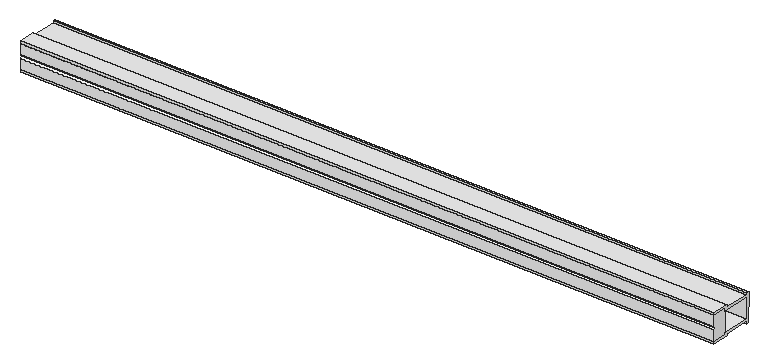
Revit family "4070756+4070746 Feilo Sylvania Lighting Fixture CURSUS 876MM 653LM OVAL LED 4K with CONTINUOUS WALL HOUSING", category Lighting Fixtures, host Face, Revit 2017
Family settings
  Host = Face
  Round Connector Dimension = Use Diameter
  Part Type = Normal
  OmniClass Number = 23.80.70.14
  OmniClass Title = Luminaries for External Lighting
  Cut with Voids When Loaded = Yes
  Light Source = Yes
  Shared = Yes
  Room Calculation Point = No
Parameters (values of type "4070756 CURSUS 876MM 653LM OVAL LED 4K")
  Width_FEILO = 35 mm
  Weight = "1.7 kg"
  Wattage Comments = "n/a"
  Wattage = 13.5 W
  WarrantyStartDate [instance] = "n/a"
  WarrantyGuarantorParts = "n/a"
  WarrantyDurationUnit = "n/a"
  WarrantyDurationParts = "n/a"
  WarrantyDescription = "n/a"
  WallThickness_FEILO = 2.5 mm
  built-in parameter 1150110 = 1 (stored number, unit not read)
  Voltage = 24 V
  URL = "http://www.sylvania-lighting.com"
  TypeName = "CURSUS 876MM 653LM OVAL LED 4K"
  Type Image = <None>
  Type Comments = "n/a"
  built-in parameter 1114217 = 1 (stored number, unit not read)
  Tilt Angle = -90.00°
  built-in parameter 1150109 = 1 (stored number, unit not read)
  built-in parameter 1150134 = 12
  built-in parameter 1150113 = 1 (stored number, unit not read)
  SerialNumber [instance] = "n/a"
  ReflectorMaterial = none
  PowerFactor = 0
  PowerConsumption = "13.5 W"
  Photometric Web File = "4070756.ies"
  NominalLength = 876 mm
  NominalHeight = 50 mm
  NominalDepth = 30 mm
  Name = "CURSUS 876MM 653LM OVAL LED 4K"
  ModelReference = Name  # "CURSUS 876MM 653LM OVAL LED 4K"
  ModelNumber = "4070756"
  Model = Name  # "CURSUS 876MM 653LM OVAL LED 4K"
  Material = "natural anodised extruded aluminium structure housing, optical system with pmma lenses diffuser"
  ManufacturerName = "Feilo Sylvania"
  Manufacturer = "Feilo Sylvania"
  LuminousEfficacy = "48.37 lm/W"
  built-in parameter 1150105 = 894.28 (stored number, unit not read)
  Lumens = 653 lm
  LuminaireType = ""
  built-in parameter 1150115 = 1 (stored number, unit not read)
  LightOutputRatio = "100"
  built-in parameter 1150137 = (empty or 0)
  built-in parameter 1150139 = (empty or 0)
  Length_FEILO = 882 mm
  LampsType = Lamp  # "LED"
  LampNominalLuminous = "653 lm"
  LampMacAdamStep = "n/a"
  LampColourTemperature = "4000 K"
  LampColourRenderingIndex = "80"
  built-in parameter 1150112 = 1 (stored number, unit not read)
  built-in parameter 1150114 = 1 (stored number, unit not read)
  Lamp = "LED"
  Keynote = "16500"
  InstallationDate [instance] = "n/a"
  InputVoltage = "24V DC"
  InputNominalFrequency = "n/a"
  built-in parameter 1150132 = (empty or 0)
  built-in parameter 1150102 = (empty or 0)
  built-in parameter 1150107 = 4000 (stored number, unit not read)
  built-in parameter 1150138 = (empty or 0)
  IngressProtection = "IP67"
  ImpactProtectionIndex = "IK07"
  built-in parameter 1150106 = 8.9428 (stored number, unit not read)
  IfcExportType = "IfcLightFixtureType"
  IfcExportAs = "IfcLightFixtureType"
  ExpectedLife = 50000
  EndCapRight [instance] = no
  EndCapLeft [instance] = no
  Emit from Rectangle Width = Width_FEILO - WallThickness_FEILO * 2  # 30 mm
  Emit from Rectangle Length = Length_FEILO - WallThickness_FEILO * 2  # 877 mm
  Emit Shape Visible in Rendering = no
  ElectricShockClassification = "Class III"
  built-in parameter 1150104 = 4.4938 (stored number, unit not read)
  DurationUnit = "hours"
  DocumentationLiterature = "http://www.sylvania-lighting.com/product/en-int/products/4070756"
  DimmingControlOptions = "n/a"
  Dimming Lamp Color Temperature Shift = <None>
  DiffuserMaterial = Diffuser-Sylvania-Glow
  Description = "LED Exterior Lighting Recessed Surface Mounted Linear Fixture, Natural anodised extruded aluminium structure. Die-cast aluminium end caps. Installation kit with harmonic steel springs., 653 lm, 13,5W,  48lm/W, 4000K, CRI80+,non dimmable,IP67, IK07, (HxWxD) 876x50x30mm, 3 step Mac Adam Ellipse, 1.7kg,, Classe III, 21-25V-DC, energy class : A++, A+, A"
  Default Elevation = 1219.2 mm
  CreatedOn = "1/8/2018"
  CreatedBy = ""
  Cost = 0
  Color Filter = 16777215
  built-in parameter 1114216 [instance] = (empty or 0)
  ClassificationValue = "EF_70_80"
  ClassificationName = "Uniclass2015"
  BodyMaterial = Body-Sylvania-Gray
  BarCode [instance] = "n/a"
  built-in parameter 1114218 = 1 (stored number, unit not read)
  built-in parameter 1150133 = 10 (stored number, unit not read)
  AssetType = "Fixed"
  AssetIdentifier [instance] = "n/a"
  Assembly Code = "D5020200"
  Apparent Load = 13.5 VA
  AccessoryMaterial = Diffuser-Sylvania-Glow
Reference planes
  plane 1 "Center (Front/Back)": y = 0
  plane 2: z = 0
  plane 3 "Center (Left/Right)": x = 0
  plane 4: x = 441
  plane 5: x = -441
  plane 6: x = -438.5
  plane 7: x = 438.5
  plane 8: z = 35
  plane 9: z = 17.5
  plane 10: z = 32.5
  plane 11: z = 2.5
  plane 12: z = 30
  plane 13: z = 5
  plane 14: y = -55
  plane 15: y = -53
  plane 16: y = -2.5
  plane 17: y = -37
  plane 18: y = -34.5
Forms (mm)
  Extrusion 1, solid, material "Body-Sylvania-Gray" <- "BodyMaterial"
    sketch origin (0, 0, 0) x (0, 1, 0) y (0, 0, 1)
      loop
        line (0, 35) -> (-2.5, 35) -> (-2.5, 32.5) -> (-34.5, 32.5) -> (-34.5, 35) -> (-55, 35) -> (-55, 32.5) -> (-37, 32.5) -> (-37, 30) -> (-2.5, 30) -> (-2.5, 5) -> (-37, 5) -> (-37, 2.5) -> (-55, 2.5) -> (-55, 0) -> (-34.5, 0) -> (-34.5, 2.5) -> (-2.5, 2.5) -> (-2.5, 0) -> (0, 0) -> (0, 35)
    from -438.5 to 438.5
  Extrusion 2, solid, material "Diffuser-Sylvania-Glow" <- "DiffuserMaterial"
    sketch origin (0, 0, 0) x (0, 1, 0) y (0, 0, 1)
      loop
        line (-37, 32.5) -> (-55, 32.5) -> (-55, 19.5) -> (-53, 17.5) -> (-55, 15.5) -> (-55, 2.5) -> (-37, 2.5) -> (-37, 32.5)
    from -438.5 to 438.5
  Extrusion 3, solid, material "Body-Sylvania-Gray" <- "BodyMaterial", visible <- "EndCapRight"
    sketch origin (438.5, 1524, 1219.2) x (0, 1, 0) y (0, 0, 1)
      loop
        line (-1579, -1184.2) -> (-1579, -1219.2) -> (-1524, -1219.2) -> (-1524, -1184.2) -> (-1579, -1184.2)
    from 0 to 2.5
  Extrusion 4, solid, material "Body-Sylvania-Gray" <- "BodyMaterial", visible <- "EndCapLeft"
    sketch origin (-438.5, 1524, 1219.2) x (0, 1, 0) y (0, 0, 1)
      loop
        line (-1579, -1184.2) -> (-1579, -1219.2) -> (-1524, -1219.2) -> (-1524, -1184.2) -> (-1579, -1184.2)
    from -2.5 to 0
Dimensions and locks
  equal spacing: plane 5, plane 3 "Center (Left/Right)", plane 4
  "Length_FEILO": plane 5 to plane 4
  equal spacing: plane 6, plane 3 "Center (Left/Right)", plane 7
  "WallThickness_FEILO": plane 5 to plane 6
  locked: plane 9 to plane 2 at 17.5
  locked: plane 8 to plane 2 at 35
  equal spacing: plane 11, plane 9, plane 10
  equal spacing: plane 13, plane 9, plane 12
  "WallThickness_FEILO": plane 12 to plane 10
  locked: plane 14 to plane 15 at 2
  locked: plane 14 to plane 17 at 18
  "WallThickness_FEILO": plane 17 to plane 18
  "WallThickness_FEILO": plane 16 to plane 1 "Center (Front/Back)"
  locked: plane 15 to Extrusion 2 sketch curve (angle 45.00°)
  locked: Extrusion 2 sketch curve to plane 15 (angle 45.00°)
  aligned and locked: plane 2 to host face
  aligned and locked: level to host face
  aligned and locked: plane 1 "Center (Front/Back)" to Extrusion 1 sketch curve
  aligned and locked: Extrusion 1 sketch curve to plane 8  (x2)
  aligned and locked: plane 16 to Extrusion 1 sketch curve
  aligned and locked: host face to Extrusion 1 sketch curve
  aligned and locked: Extrusion 1 sketch curve to plane 16  (x2)
  aligned and locked: Extrusion 1 sketch curve to plane 11
  aligned and locked: plane 18 to Extrusion 1 sketch curve
  aligned and locked: level to Extrusion 1 sketch curve
  aligned and locked: plane 11 to Extrusion 1 sketch curve
  aligned and locked: Extrusion 1 sketch curve to plane 17
  aligned and locked: plane 13 to Extrusion 1 sketch curve
  aligned and locked: Extrusion 1 sketch curve to plane 12
  aligned and locked: plane 10 to Extrusion 1 sketch curve  (x2)
  aligned and locked: plane 17 to Extrusion 1 sketch curve  (x2)
  aligned and locked: plane 12 to Extrusion 1 sketch curve
  aligned and locked: Extrusion 1 sketch curve to plane 10
  aligned and locked: Extrusion 1 sketch curve to plane 18
  aligned and locked: plane 7 to Extrusion 1
  aligned and locked: Extrusion 1 to plane 6
  aligned and locked: Extrusion 2 sketch curve to Extrusion 1  (x4)
  aligned and locked: Extrusion 1 to Extrusion 2 sketch curve
  aligned and locked: plane 9 to Extrusion 2 sketch curve
  aligned and locked: plane 7 to Extrusion 2
  aligned and locked: Extrusion 2 to plane 6
  aligned and locked: Extrusion 3 sketch curve to Extrusion 1  (x4)
  aligned and locked: plane 4 to Extrusion 3
  aligned and locked: Extrusion 3 to plane 7
  aligned and locked: Extrusion 4 sketch curve to Extrusion 3  (x3)
  aligned and locked: Extrusion 4 sketch curve to Extrusion 1
  aligned and locked: Extrusion 4 to plane 5
  aligned and locked: plane 6 to Extrusion 4
  aligned and locked: plane 14 to imposter light
  aligned and locked: imposter light to plane 9
  aligned and locked: plane 3 "Center (Left/Right)" to imposter light
Automatic sketch dimensions
  host sketch curve to host sketch curve = 2438.4 mm  (x2)
  Extrusion 1 sketch curve to plane 14 = 0 mm  (x2)
  Extrusion 2 sketch curve to plane 15 = 0 mm
Connectors
  electrical at (0, 0, 0), driven by "Apparent Load", driven by "PowerFactor", driven by "Voltage"
    settings: index 1, voltage 24 V, apparent load 13.5 VA, apparent load phase1 0 VA, apparent load phase2 0 VA, apparent load phase3 0 VA, power factor 0, load classification "Lighting", number of poles 1, system type 30, power factor state 1, is connector primary yes, connector utility no, sub classification motor no, connector description ""
